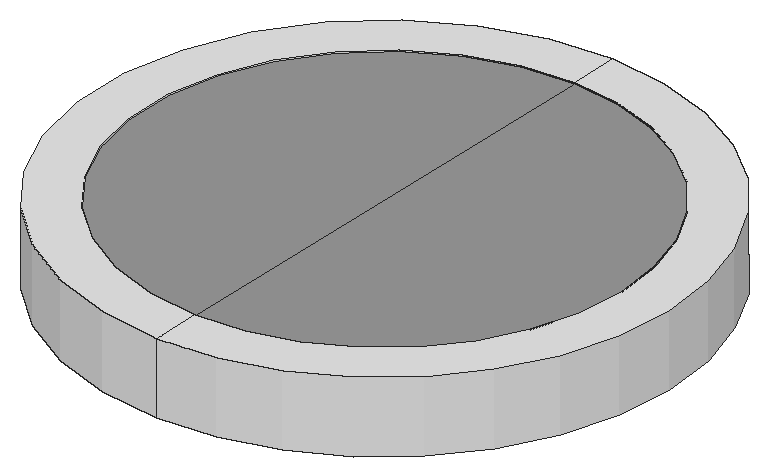
Revit family "SKC08R", category Lighting Fixtures, host Face, Revit 2022
Family settings
  Host = Face
  Round Connector Dimension = Use Diameter
  Part Type = Normal
  Cut with Voids When Loaded = Yes
  Light Source = Yes
  Maintain Annotation Orientation = No
  Shared = No
  Room Calculation Point = No
Parameters (values of type "SKC08R-10LM-4000K-CRI80")
  r = 0' - 3"
  Wattage Comments = "13W"
  Wattage = 7.80924 W
  built-in parameter 1150110 = 1 (stored number, unit not read)
  URL = "https://www.abovealllighting.com/Product/LED-INDOOR-FIXTURE/Surface/SLEEKCEILINGLEDLUMINAIRE.html"
  Trim = 0' - 0 43/64"
  built-in parameter 1114217 = 1 (stored number, unit not read)
  Tilt Angle = 90.00°
  built-in parameter 1150109 = 1 (stored number, unit not read)
  built-in parameter 1150134 = 12
  built-in parameter 1150113 = 1 (stored number, unit not read)
  R = 0' - 4"
  Power Factor = "0.9"
  Photometric Web File = "SKC08R-10LM40801(G).IES"
  Model = "SKC08R-10LM-40801"
  Manufacturer = "Above All Lighting"  # constant formula
  built-in parameter 1150105 = 414.79 (stored number, unit not read)
  Lumens = 1160 lm
  built-in parameter 1150115 = 1 (stored number, unit not read)
  Load Classification = Lighting
  built-in parameter 1150137 = (empty or 0)
  built-in parameter 1150139 = (empty or 0)
  built-in parameter 1150112 = 1 (stored number, unit not read)
  built-in parameter 1150114 = 1 (stored number, unit not read)
  Lamp = "LED"
  Input Voltage = "120-277V"
  built-in parameter 1150132 = 2
  built-in parameter 1150102 = (empty or 0)
  built-in parameter 1150107 = 4000 (stored number, unit not read)
  built-in parameter 1150138 = (empty or 0)
  built-in parameter 1150106 = 4.1479 (stored number, unit not read)
  built-in parameter 1150104 = 13.8 (stored number, unit not read)
  Dimming Lamp Color Temperature Shift = <None>
  Default Elevation = 0' - 0"
  Color Filter = 16777215
  CRI = "90"
  built-in parameter 1114218 = 1 (stored number, unit not read)
  built-in parameter 1150133 = 10 (stored number, unit not read)
Types (17): name | Wattage Comments | Wattage | built-in parameter 1150134 | Photometric Web File | Model | built-in parameter 1150105 | Lumens | built-in parameter 1150107 | built-in parameter 1150106 | CRI
  (no name) | "13W" | 7.80924 W | 12 | "SKC08R-10LM40801(G).IES" | "SKC08R-10LM-40801" | 414.79 (stored number, unit not read) | 1160 lm | 4000 (stored number, unit not read) | 4.1479 (stored number, unit not read) | "90"
  SKC08R-08LM-2700K-CRI90 | "9.5W" | 5.25104 W | (empty or 0) | "SKC08R-08LM27901(G).IES" | "SKC08R-08LM-27901" | 278.2 (stored number, unit not read) | 780 lm | 2700 (stored number, unit not read) | 2.782 (stored number, unit not read) | "90"
  SKC08R-08LM-3000K-CRI90 | "9.5W" | 5.25104 W | (empty or 0) | "SKC08R-08LM30901(G).IES" | "SKC08R-08LM-30901" | 278.5 (stored number, unit not read) | 780 lm | 3000 (stored number, unit not read) | 2.785 (stored number, unit not read) | "90"
  SKC08R-08LM-3500K-CRI90 | "9.5W" | 5.25104 W | (empty or 0) | "SKC08R-08LM35901(G).IES" | "SKC08R-08LM-35901" | 278.25 (stored number, unit not read) | 780 lm | 3500 (stored number, unit not read) | 2.7825 (stored number, unit not read) | "90"
  SKC08R-08LM-4000K-CRI90 | "9.5W" | 5.25104 W | 12 | "SKC08R-08LM40901(G).IES" | "SKC08R-08LM-40901" | 278.42 (stored number, unit not read) | 780 lm | 4000 (stored number, unit not read) | 2.7842 (stored number, unit not read) | "90"
  SKC08R-10LM-2700K-CRI90 | "13W" | 6.7321 W | (empty or 0) | "SKC08R-10LM27901(G).IES" | "SKC08R-10LM-27901" | 357.58 (stored number, unit not read) | 1000 lm | 2700 (stored number, unit not read) | 3.5758 (stored number, unit not read) | "90"
  SKC08R-10LM-3000K-CRI90 | "13W" | 6.7321 W | (empty or 0) | "SKC08R-10LM30901(G).IES" | "SKC08R-10LM-30901" | 357.58 (stored number, unit not read) | 1000 lm | 3000 (stored number, unit not read) | 3.5758 (stored number, unit not read) | "90"
  SKC08R-10LM-3500K-CRI90 | "13W" | 6.7321 W | (empty or 0) | "SKC08R-10LM35901(G).IES" | "SKC08R-10LM-35901" | 357.58 (stored number, unit not read) | 1000 lm | 3500 (stored number, unit not read) | 3.5758 (stored number, unit not read) | "90"
  SKC08R-10LM-4000K-CRI90 | "13W" | 6.7321 W | 12 | "SKC08R-10LM40901(G).IES" | "SKC08R-10LM-40901" | 357.58 (stored number, unit not read) | 1000 lm | 4000 (stored number, unit not read) | 3.5758 (stored number, unit not read) | "90"
  SKC08R-08LM-2700K-CRI80 | "9.5W" | 6.09255 W | (empty or 0) | "SKC08R-08LM27801(G).IES" | "SKC08R-08LM-27801" | 323.26 (stored number, unit not read) | 905 lm | 2700 (stored number, unit not read) | 3.2326 (stored number, unit not read) | "80"
  SKC08R-08LM-3000K-CRI80 | "9.5W" | 6.09255 W | (empty or 0) | "SKC08R-08LM30801(G).IES" | "SKC08R-08LM-30801" | 323.26 (stored number, unit not read) | 905 lm | 3000 (stored number, unit not read) | 3.2326 (stored number, unit not read) | "80"
  SKC08R-08LM-3500K-CRI80 | "9.5W" | 6.09255 W | (empty or 0) | "SKC08R-08LM35801(G).IES" | "SKC08R-08LM-35801" | 323.26 (stored number, unit not read) | 905 lm | 3500 (stored number, unit not read) | 3.2326 (stored number, unit not read) | "80"
  SKC08R-08LM-4000K-CRI80 | "9.5W" | 6.09255 W | 12 | "SKC08R-08LM40801(G).IES" | "SKC08R-08LM-40801" | 323.26 (stored number, unit not read) | 905 lm | 4000 (stored number, unit not read) | 3.2326 (stored number, unit not read) | "80"
  SKC08R-10LM-2700K-CRI80 | "13W" | 7.80924 W | (empty or 0) | "SKC08R-10LM27801(G).IES" | "SKC08R-10LM-27801" | 414.79 (stored number, unit not read) | 1160 lm | 2700 (stored number, unit not read) | 4.1479 (stored number, unit not read) | "90"
  SKC08R-10LM-3000K-CRI80 | "13W" | 7.80924 W | (empty or 0) | "SKC08R-10LM30801(G).IES" | "SKC08R-10LM-30801" | 414.79 (stored number, unit not read) | 1160 lm | 3000 (stored number, unit not read) | 4.1479 (stored number, unit not read) | "90"
  SKC08R-10LM-3500K-CRI80 | "13W" | 7.80924 W | (empty or 0) | "SKC08R-10LM35801(G).IES" | "SKC08R-10LM-35801" | 414.79 (stored number, unit not read) | 1160 lm | 3500 (stored number, unit not read) | 4.1479 (stored number, unit not read) | "90"
  SKC08R-10LM-4000K-CRI80 | "13W" | 7.80924 W | 12 | "SKC08R-10LM40801(G).IES" | "SKC08R-10LM-40801" | 414.79 (stored number, unit not read) | 1160 lm | 4000 (stored number, unit not read) | 4.1479 (stored number, unit not read) | "90"
Reference planes (in)
  plane 1 "Center (Front/Back)": y = 0
  plane 2: z = 0
  plane 3 "Center (Left/Right)": x = 0
  plane 4: y = 4
  plane 5: y = -6
  plane 6: z = 0.36
  plane 7: z = 0
  plane 8: y = 3.32812
Forms (in)
  Revolve 1, solid, material "Aluminum"
    sketch origin (0, 0, 1.36) x (0, -1, 0) y (0, 0, -1)
      loop
        line (-3.32813, 0) -> (-3.32813, 0.25) -> (0, 0.25) -> (0, 1.36) -> (-3, 1.36) -> (-3.36, 1) -> (-4, 1) -> (-4, 0) -> (-3.32813, 0)
      axis (0, 0) -> (0, 1.36)
    angle from 0 to 360
  Revolve 2, solid, material "Glass, White, High Luminance"
    sketch origin (0, 0, 0) x (0, 1, 0) y (0, 0, 1)
      loop
        line (3.32813, 1.35042) -> (0, 1.35042) -> (0, 1.31859) -> (3.32813, 1.31859) -> (3.32813, 1.35042)
      axis (0, 1.31859) -> (0, 1.35796)
    angle from 0 to 360
Dimensions and locks (in)
  "R": plane 1 "Center (Front/Back)" to plane 4
  "Trim": plane 8 to plane 4
  "r": Revolve 1 sketch curve to Revolve 1 sketch curve
  aligned and locked: plane 2 to host face
  aligned and locked: level to host face
  aligned and locked: plane 8 to Revolve 1 sketch curve
  aligned and locked: Revolve 2 sketch curve to Revolve 1
  aligned and locked: plane 1 "Center (Front/Back)" to Revolve 2 sketch curve
Automatic sketch dimensions
  host sketch curve to host sketch curve = 8' - 0"  (x2)
  Revolve 2 sketch curve to Revolve 2 sketch curve = 0' - 0.03182"
  Revolve 2 sketch curve to plane 1 "Center (Front/Back)" = 0' - 0"
  level to Revolve 2 sketch curve = 0' - 1.31859"
  Revolve 2 sketch curve to level = 2' - 0"
  Revolve 2 sketch curve to Revolve 2 sketch curve = 7' - 6.92544"
  Revolve 1 sketch curve to plane 4 = 0' - 0"
  Revolve 1 sketch curve to plane 6 = 0' - 0"
  Revolve 1 sketch curve to level = 0' - 0"
  Revolve 1 sketch curve to plane 1 "Center (Front/Back)" = 0' - 0"  (x2)
  Revolve 1 sketch curve to plane 8 = 0' - 0.03188"
  plane 6 to Revolve 1 sketch curve = 0' - 0 3/4"
  Revolve 1 sketch curve to Revolve 1 sketch curve = 0' - 0 1/4"
  Revolve 1 sketch curve to Revolve 1 sketch curve = 2' - 0"
  Revolve 1 sketch curve to Revolve 1 sketch curve = 7' - 6.91586"
